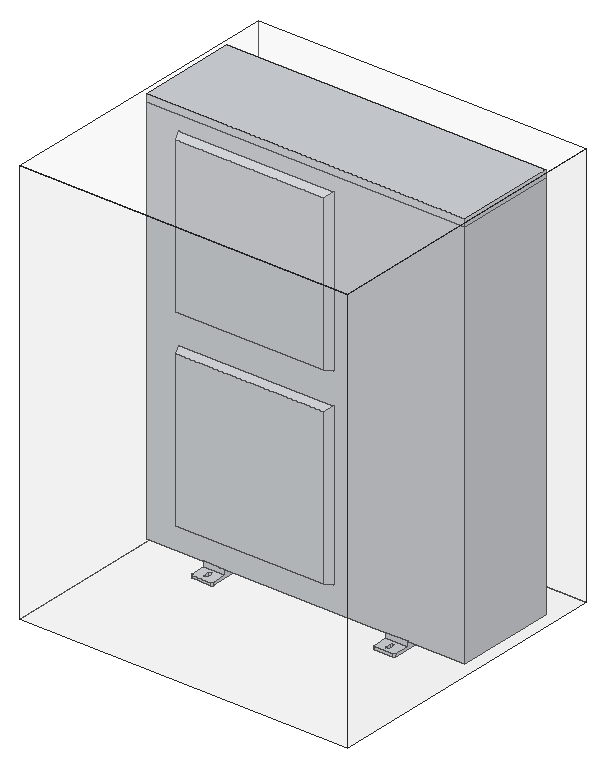
Revit family "puz-hrmp80_160ka6_60Hz", category 機械設備, Revit 2019
Family settings
  丸型コネクタ寸法 = 直径を使用
  パーツ タイプ = 標準
  OmniClass 番号 = 23.75.10.24.21.27.27
  OmniClass タイトル = Split System Air Conditioning Units
  作業面ベース = いいえ
  常に垂直 = はい
  ロード時にボイドで切り取り = いいえ
  共有 = いいえ
  部屋計算ポイント = いいえ
Parameters (values of type "PUZ-HRMP160KA6")
  音響パワーレベル（冷）(dB) = 69
  音響パワーレベル(dB) = 71
  電源種別 = ""
  電源位置Y = 2 mm
  電源位置Z = 1063 mm
  電源位置X = 325 mm
  電圧 = 200 V
  電動機出力_送風機 = 0.12 kW
  電動機出力_圧縮機 = 3.1 kW
  集中コントローラ [instance] = ""
  運転質量 = 0.00 kg
  運転方法 = "冷暖切替"
  質量 = if(製品質量 > 運転質量, 製品質量, 運転質量) * 1.2  # 135.60 kg
  負荷分類 = 1_熱源類
  説明 = "空冷H/P PAC インバータ室外機"
  設計暖房能力 [instance] = 0 kW
  設計冷房能力_顕熱 [instance] = 0 kW
  設計冷房能力 [instance] = 0 kW
  設置方法 = "床置形"
  記号 [instance] = ""
  製造元 = "三菱電機株式会社"
  製品質量 = 113.00 kg
  製品出荷対象 = "国内"
  製品リリース年月 = "2022/10/11"
  製品グループ = ""
  系統 [instance] = ""
  符号 = "PAC"
  積算_科目 = "1 空気調和設備"
  積算_拾い区分 [instance] = ""
  相 = 3
  盤記号 [instance] = ""
  発停方法 = "付属スイッチ"
  特殊仕様 [instance] = ""
  消費電力_暖房 = 4.49 kW
  消費電力_冷房 = 4.7 kW
  消費電力 = if(消費電力_冷房 > 消費電力_暖房, 消費電力_冷房, 消費電力_暖房)  # 4.7 kW
  法定耐用年数 = "6"
  構成品番 = "PUZ-HRMP160KA"
  極数 = 3
  材質 [instance] = ""
  本体マテリアル = none
  最小電線太さ_mm2 = 1.6
  最大電流値 = 0 A
  暖房能力 = 16 kW
  推奨ブレーカー容量 = 40 A
  据付ピッチ1 = 0 mm
  形式 = "パッケージ形 室外機"
  形名 = PUZ-ZRMP-3 : PUZ-ZRMP112KA11
  幹線記号 [instance] = ""
  始動方式 = "インバータ始動方式"
  呼称 = "パッケージ形空気調和機_室外機"
  周波数 = 60 Hz
  価格 = 1061000
  ドレン　位置Z = 23 mm
  ドレン　位置Y = 176 mm
  ドレン　位置X = 45 mm
  アンカーボルト位置Y = 370 mm
  アンカーボルト位置X = 600 mm
  参照している仕様書等のバージョン = "公共建築物標準仕様書（機械設備工事編）平成31年度版"
  分類コード = "50053003126100"
  分類グループ = ""
  冷房能力 = 14 kW
  冷媒管（ガス）位置X = 483 mm
  冷媒管（液）位置X = 423 mm
  冷媒管（液）位置Y = 290 mm
  冷媒管（ガス）位置Y = 234 mm
  冷媒管長 [instance] = 0 mm
  冷媒管径符号 = "Bd"
  冷媒管径 = 100.00 mm
  冷媒管位置Z = 450 mm
  冷媒管位置Y = (冷媒管（液）位置Y + 冷媒管（ガス）位置Y) / 2  # 262 mm
  冷媒管位置X = (冷媒管（液）位置X + 冷媒管（ガス）位置X) / 2  # 453 mm
  冷媒液管径 = 9.52 mm
  冷媒ガス管径 = 15.88 mm
  企業コード = "108420"
  付属品 [instance] = ""
  仕様書バージョン = "Version1.0"
  ユニット数 = 1
  Model = ""
  ドレン管径 = 33.00 mm
  サービススペース = yes
  コメント [instance] = ""
  ケーブル種類1 = ""
  Width = 1050 mm
  Version = ""
  Uniclass2015Version = "Systems v1.9"
  Uniclass2015Title = "Split coil remote air cooled condensing units"
  Uniclass2015Code = "Pr_70_65_03_84"
  URL = "https://www.mitsubishielectric.co.jp/ldg/wink/ssl/displayProduct.do?pid=323610"
  SpecificationReference = ""
  SpecificationDescription = ""
  Revision = ""
  ProductInformation = ""
  OmniClassCode = "23-33 17 13 11"
  IfcTypeProduct = ""
  IfcProduct = ""
  IfcExportType = "AIRCONDITIONINGUNIT"
  IfcExportAs = "IfcUnitaryEquipmentType"
  Height = 1338 mm
  Depth = 330 mm
  Clearance Top = 0 mm
  Clearance Right = 15 mm
  Clearance Left = 15 mm
  Clearance Front = 500 mm
  Clearance Bottom = 0 mm
  Clearance Back = 150 mm
  COP = 0
  Author = "三菱電機株式会社"
  APF = 0
Reference planes
  plane 1 "中心(正面/背面)": y = 74
  plane 2: z = 0
  plane 3 "中心(左/右)": x = 830
  plane 4 "右": x = 1355
  plane 5 "左": x = 305
  plane 6 "背面": y = 239
  plane 7 "正面": y = -91
  plane 8 "上部": z = 1338
  plane 9 "Clearanse Top": z = 1338
  plane 10 "SS_back": y = 389
  plane 11 "SS_front": y = -591
  plane 12 "SS_left": x = 290
  plane 13 "SS_right": x = 1370
  plane 14: z = 0
  plane 15: y = -89
  plane 16: x = 1155
  plane 17: z = 1063
  plane 18: y = -87
  plane 19: y = -23
  plane 20: x = 1283
  plane 21: z = 450
  plane 22: z = 452
  plane 23: y = 63
  plane 24: x = 350
  plane 25: z = 25
  plane 26: z = 23
  plane 27: x = 530
  plane 28: x = 1130
  plane 29: y = 259
  plane 30: y = -111
Forms (mm)
  Extrusion 1, solid, detail levels fine
    sketch origin (0, -91, 0) x (1, 0, 0) y (0, 0, 1)
      loop
        circle (1155, 1063) r 13.5
    from -4 to -2
  Extrusion 2, solid, detail levels fine
    sketch origin (-1437.329, -1524, 54) x (-1, 0, 0) y (0, -1, 0)
      loop
        circle (-2720.329, -1501) r 50
    from 396 to 398
  Extrusion 3, solid, detail levels fine
    sketch origin (-1437.329, -1524, 54) x (-1, 0, 0) y (0, -1, 0)
      loop
        circle (-1787.329, -1587) r 16.5
    from -31 to -29
Lines and regions (mm)
  model lines, not visible
    curve 1: line (460, 178.667, 1289.179) -> (460, 297.73, 1289.179)
    curve 2: line (460, 178.667, 1056.056) -> (460, 178.667, 1289.179)
    curve 3: line (460, 297.73, 1056.056) -> (460, 178.667, 1056.056)
    curve 4: line (460, 297.73, 1289.179) -> (460, 297.73, 1056.056)
    curve 5: line (460, 47.598, 1289.179) -> (460, 166.661, 1289.179)
    curve 6: line (460, 47.598, 1056.056) -> (460, 47.598, 1289.179)
    curve 7: line (460, 166.661, 1056.056) -> (460, 47.598, 1056.056)
    curve 8: line (460, 166.661, 1289.179) -> (460, 166.661, 1056.056)
    curve 9: line (460, -83.471, 1289.179) -> (460, 35.592, 1289.179)
    curve 10: line (460, -83.471, 1056.056) -> (460, -83.471, 1289.179)
    curve 11: line (460, 35.592, 1056.056) -> (460, -83.471, 1056.056)
    curve 12: line (460, 35.592, 1289.179) -> (460, 35.592, 1056.056)
    curve 13: line (460, -150.779, 1289.179) -> (460, -95.75, 1289.179)
    curve 14: line (460, -150.779, 1056.056) -> (460, -150.779, 1289.179)
    curve 15: line (460, -95.75, 1056.056) -> (460, -150.779, 1056.056)
    curve 16: line (460, -95.75, 1289.179) -> (460, -95.75, 1056.056)
    curve 17: line (460, -150.779, 1283.175) -> (460, -132.596, 1283.175)
    curve 18: line (460, -150.779, 1062.059) -> (460, -150.779, 1283.175)
    curve 19: line (460, -132.596, 1062.059) -> (460, -150.779, 1062.059)
    curve 20: line (460, -132.596, 1283.175) -> (460, -132.596, 1062.059)
    curve 21: line (460, 178.667, 1046.051) -> (460, 297.73, 1046.051)
    curve 22: line (460, 178.667, 812.928) -> (460, 178.667, 1046.051)
    curve 23: line (460, 297.73, 812.928) -> (460, 178.667, 812.928)
    curve 24: line (460, 297.73, 1046.051) -> (460, 297.73, 812.928)
    curve 25: line (460, 47.598, 1046.051) -> (460, 166.661, 1046.051)
    curve 26: line (460, 47.598, 812.928) -> (460, 47.598, 1046.051)
    curve 27: line (460, 166.661, 812.928) -> (460, 47.598, 812.928)
    curve 28: line (460, 166.661, 1046.051) -> (460, 166.661, 812.928)
    curve 29: line (460, -83.471, 1046.051) -> (460, 35.592, 1046.051)
    curve 30: line (460, -83.471, 812.928) -> (460, -83.471, 1046.051)
    curve 31: line (460, 35.592, 812.928) -> (460, -83.471, 812.928)
    curve 32: line (460, 35.592, 1046.051) -> (460, 35.592, 812.928)
    curve 33: line (460, -150.779, 1046.051) -> (460, -95.75, 1046.051)
    curve 34: line (460, -150.779, 812.928) -> (460, -150.779, 1046.051)
    curve 35: line (460, -95.75, 812.928) -> (460, -150.779, 812.928)
    curve 36: line (460, -95.75, 1046.051) -> (460, -95.75, 812.928)
    curve 37: line (460, -150.779, 1040.048) -> (460, -132.596, 1040.048)
    curve 38: line (460, -150.779, 818.931) -> (460, -150.779, 1040.048)
    curve 39: line (460, -132.596, 818.931) -> (460, -150.779, 818.931)
    curve 40: line (460, -132.596, 1040.048) -> (460, -132.596, 818.931)
    curve 41: line (460, 178.667, 802.923) -> (460, 297.73, 802.923)
    curve 42: line (460, 178.667, 569.8) -> (460, 178.667, 802.923)
    curve 43: line (460, 297.73, 569.8) -> (460, 178.667, 569.8)
    curve 44: line (460, 297.73, 802.923) -> (460, 297.73, 569.8)
    curve 45: line (460, 47.598, 802.923) -> (460, 166.661, 802.923)
    curve 46: line (460, 47.598, 569.8) -> (460, 47.598, 802.923)
    curve 47: line (460, 166.661, 569.8) -> (460, 47.598, 569.8)
    curve 48: line (460, 166.661, 802.923) -> (460, 166.661, 569.8)
    curve 49: line (460, -83.471, 802.923) -> (460, 35.592, 802.923)
    curve 50: line (460, -83.471, 569.8) -> (460, -83.471, 802.923)
    curve 51: line (460, 35.592, 569.8) -> (460, -83.471, 569.8)
    curve 52: line (460, 35.592, 802.923) -> (460, 35.592, 569.8)
    curve 53: line (460, -150.779, 802.923) -> (460, -95.75, 802.923)
    curve 54: line (460, -150.779, 569.8) -> (460, -150.779, 802.923)
    curve 55: line (460, -95.75, 569.8) -> (460, -150.779, 569.8)
    curve 56: line (460, -95.75, 802.923) -> (460, -95.75, 569.8)
    curve 57: line (460, -150.779, 796.92) -> (460, -132.596, 796.92)
    curve 58: line (460, -150.779, 575.803) -> (460, -150.779, 796.92)
    curve 59: line (460, -132.596, 575.803) -> (460, -150.779, 575.803)
    curve 60: line (460, -132.596, 796.92) -> (460, -132.596, 575.803)
    curve 61: line (460, 178.667, 559.795) -> (460, 297.73, 559.795)
    curve 62: line (460, 178.667, 326.672) -> (460, 178.667, 559.795)
    curve 63: line (460, 297.73, 326.672) -> (460, 178.667, 326.672)
    curve 64: line (460, 297.73, 559.795) -> (460, 297.73, 326.672)
    curve 65: line (460, 47.598, 559.795) -> (460, 166.661, 559.795)
    curve 66: line (460, 47.598, 326.672) -> (460, 47.598, 559.795)
    curve 67: line (460, 166.661, 326.672) -> (460, 47.598, 326.672)
    curve 68: line (460, 166.661, 559.795) -> (460, 166.661, 326.672)
    curve 69: line (460, -83.471, 559.795) -> (460, 35.592, 559.795)
    curve 70: line (460, -83.471, 326.672) -> (460, -83.471, 559.795)
    curve 71: line (460, 35.592, 326.672) -> (460, -83.471, 326.672)
    curve 72: line (460, 35.592, 559.795) -> (460, 35.592, 326.672)
    curve 73: line (460, -150.779, 559.795) -> (460, -95.75, 559.795)
    curve 74: line (460, -150.779, 326.672) -> (460, -150.779, 559.795)
    curve 75: line (460, -95.75, 326.672) -> (460, -150.779, 326.672)
    curve 76: line (460, -95.75, 559.795) -> (460, -95.75, 326.672)
    curve 77: line (460, -150.779, 553.792) -> (460, -132.596, 553.792)
    curve 78: line (460, -150.779, 332.675) -> (460, -150.779, 553.792)
    curve 79: line (460, -132.596, 332.675) -> (460, -150.779, 332.675)
    curve 80: line (460, -132.596, 553.792) -> (460, -132.596, 332.675)
    curve 81: line (460, 178.667, 316.667) -> (460, 297.73, 316.667)
    curve 82: line (460, 178.667, 83.544) -> (460, 178.667, 316.667)
    curve 83: line (460, 297.73, 83.544) -> (460, 178.667, 83.544)
    curve 84: line (460, 297.73, 316.667) -> (460, 297.73, 83.544)
    curve 85: line (460, 47.598, 316.667) -> (460, 166.661, 316.667)
    curve 86: line (460, 47.598, 83.544) -> (460, 47.598, 316.667)
    curve 87: line (460, 166.661, 83.544) -> (460, 47.598, 83.544)
    curve 88: line (460, 166.661, 316.667) -> (460, 166.661, 83.544)
    curve 89: line (460, -83.471, 316.667) -> (460, 35.592, 316.667)
    curve 90: line (460, -83.471, 83.544) -> (460, -83.471, 316.667)
    curve 91: line (460, 35.592, 83.544) -> (460, -83.471, 83.544)
    curve 92: line (460, 35.592, 316.667) -> (460, 35.592, 83.544)
    curve 93: line (460, -150.779, 316.667) -> (460, -95.75, 316.667)
    curve 94: line (460, -150.779, 83.544) -> (460, -150.779, 316.667)
    curve 95: line (460, -95.75, 83.544) -> (460, -150.779, 83.544)
    curve 96: line (460, -95.75, 316.667) -> (460, -95.75, 83.544)
    curve 97: line (460, -150.779, 310.664) -> (460, -132.596, 310.664)
    curve 98: line (460, -150.779, 89.547) -> (460, -150.779, 310.664)
    curve 99: line (460, -132.596, 89.547) -> (460, -150.779, 89.547)
    curve 100: line (460, -132.596, 310.664) -> (460, -132.596, 89.547)
Dimensions and locks
  equal spacing: plane 7 "正面", plane 1 "中心(正面/背面)", plane 6 "背面"
  "Depth": plane 7 "正面" to plane 6 "背面"
  "Width": plane 5 "左" to plane 4 "右"
  equal spacing: plane 5 "左", plane 3 "中心(左/右)", plane 4 "右"
  "Clearance Left": plane 12 "SS_left" to plane 5 "左"
  "Clearance Right": plane 4 "右" to plane 13 "SS_right"
  "Clearance Back": plane 6 "背面" to plane 10 "SS_back"
  "Clearance Front": plane 11 "SS_front" to plane 7 "正面"
  "Height": plane 8 "上部" to level
  "Clearance Top": plane 9 "Clearanse Top" to plane 8 "上部"
  "Clearance Bottom": level to plane 14
  "電源位置X": plane 3 "中心(左/右)" to plane 16
  "電源位置Y": plane 7 "正面" to plane 15
  "電源位置Z": plane 17 to level
  locked: plane 15 to plane 18 at 2
  "冷媒管位置X": plane 3 "中心(左/右)" to plane 20
  "冷媒管位置Y": plane 19 to plane 6 "背面"
  "冷媒管位置Z": plane 21 to level
  locked: plane 22 to plane 21 at 2
  "ドレン　位置X": plane 5 "左" to plane 24
  "ドレン　位置Y": plane 23 to plane 6 "背面"
  locked: plane 25 to plane 26 at 2
  "ドレン　位置Z": plane 26 to level
  equal spacing: plane 30, plane 1 "中心(正面/背面)", plane 29
  "アンカーボルト位置Y": plane 30 to plane 29
  equal spacing: plane 27, plane 3 "中心(左/右)", plane 28
  "アンカーボルト位置X": plane 27 to plane 28
  radius of Extrusion 1 sketch curve = 13.5 mm
  "冷媒管径": diameter of Extrusion 2 sketch curve
  "ドレン管径": diameter of Extrusion 3 sketch curve
  aligned and locked: level to plane 2
  aligned and locked: plane 10 "SS_back" to nested 1  (x2)
  aligned and locked: plane 13 "SS_right" to nested 1
  aligned and locked: plane 12 "SS_left" to nested 1  (x2)
  aligned and locked: nested 1 to plane 13 "SS_right"
  aligned and locked: plane 11 "SS_front" to nested 1
  aligned and locked: plane 9 "Clearanse Top" to nested 1
  aligned and locked: plane 1 "中心(正面/背面)" to nested 2
  aligned and locked: plane 3 "中心(左/右)" to nested 2
  aligned and locked: plane 14 to nested 1
  aligned and locked: plane 17 to Extrusion 1 sketch curve
  aligned and locked: plane 16 to Extrusion 1 sketch curve
  aligned and locked: Extrusion 1 to plane 18
  aligned and locked: plane 15 to Extrusion 1
  aligned and locked: plane 19 to Extrusion 2 sketch curve
  aligned and locked: plane 20 to Extrusion 2 sketch curve
  aligned and locked: plane 22 to Extrusion 2
  aligned and locked: Extrusion 2 to plane 21
  aligned and locked: plane 24 to Extrusion 3 sketch curve
  aligned and locked: plane 23 to Extrusion 3 sketch curve
  aligned and locked: plane 25 to Extrusion 3
  aligned and locked: Extrusion 3 to plane 26
  aligned and locked: plane 27 to nested 3
  aligned and locked: plane 29 to nested 3
Nested families
  nested 1: "サービススペース" at (830, -101, 669), visible <- "サービススペース", type "サービススペース"
    with Width 1080 mm, Height 1338 mm, Depth 980 mm
  nested 2: "PUZ-ZRMP-3" at (830, 74, 0), type <- "形名", type "PUZ-ZRMP112KA11"
  nested 3: "固定点" at (530, -111, 0), type "固定点"
    with W 600 mm, D 370 mm
Connectors
  piping at (1283, -23, 450), diameter 100, driven by "冷媒管径", driven by "冷媒管径符号"
    settings: on Extrusion 2, index 1, connector inside diameter 609.60 mm, connector length 0 mm, flow factor 0, pipe flow 0.0 L/s, pressure drop 0.0 Pa, fitting loss kfactor 0, connector angle 0.00°, fixture units 0, engagement length 0 mm, angle of deflection 0.00°, flow configuration 1, flow direction 2, fitting loss method 4, system type 7, joint type 0, gender type 0, connector reference index -1, connector utility 0, adjustable connector no, is connector primary yes, connector description "Bd"
  electrical at (1155, -89, 1063), driven by "極数", driven by "負荷分類", driven by "電圧", driven by "消費電力"
    settings: on Extrusion 1, index 2, voltage 200 V, apparent load 4700 VA, apparent load phase1 0 VA, apparent load phase2 0 VA, apparent load phase3 0 VA, power factor 1, load classification "1_熱源類", number of poles 3, system type 30, power factor state 1, is connector primary yes, connector utility no, sub classification motor no, connector description ""
Definition of nested family "サービススペース"
  Parameters (values of type "サービススペース")
    Width [instance] = 500 mm
    Height [instance] = 500 mm
    Depth [instance] = 500 mm
  Reference planes
    plane 1 "中心(正面/背面)": y = 0
    plane 2: z = 0
    plane 3 "中心(左/右)": x = 0
    plane 4: y = -250
    plane 5: x = 250
    plane 6: y = 250
    plane 7: x = -250
    plane 8: z = 250
    plane 9: z = -250
  Forms (mm)
    Extrusion 1, solid
      sketch origin (-638.939, 0, 72.39) x (1, 0, 0) y (0, 1, 0)
        loop
          line (388.939, 250) -> (388.939, -250) -> (888.939, -250) -> (888.939, 250) -> (388.939, 250)
      from -322.39 to 177.61
  Lines and regions (mm)
    symbolic lines
      curve 1: line (-250, 0, 250) -> (250, 0, 250)
      curve 2: line (-250, 0, -250) -> (-250, 0, 250)
      curve 3: line (250, 0, -250) -> (-250, 0, -250)
      curve 4: line (250, 0, 250) -> (250, 0, -250)
      curve 5: line (0, -250, 250) -> (0, 250, 250)
      curve 6: line (0, -250, -250) -> (0, -250, 250)
      curve 7: line (0, 250, -250) -> (0, -250, -250)
      curve 8: line (0, 250, 250) -> (0, 250, -250)
      curve 9: line (-250, 250, 0) -> (250, 250, 0)
      curve 10: line (-250, -250, 0) -> (-250, 250, 0)
      curve 11: line (250, -250, 0) -> (-250, -250, 0)
      curve 12: line (250, 250, 0) -> (250, -250, 0)
  Dimensions and locks
    equal spacing: plane 7, plane 3 "中心(左/右)", plane 5
    equal spacing: plane 4, plane 1 "中心(正面/背面)", plane 6
    "Depth": plane 4 to plane 6
    "Width": plane 7 to plane 5
    equal spacing: plane 8, plane 2, plane 9
    "Height": plane 8 to plane 9
    aligned and locked: plane 9 to curve 3
    aligned and locked: plane 7 to curve 2
    aligned and locked: curve 4 to plane 5
    aligned and locked: plane 5 to Extrusion 1
    aligned and locked: Extrusion 1 to plane 7
    aligned and locked: Extrusion 1 to plane 9
    aligned and locked: plane 8 to Extrusion 1
    aligned and locked: plane 9 to curve 7
  Automatic sketch dimensions
    plane 4 to Extrusion 1 sketch curve = 0 mm
    Extrusion 1 sketch curve to plane 7 = 0 mm
    Extrusion 1 sketch curve to plane 5 = 0 mm
    plane 6 to Extrusion 1 sketch curve = 0 mm
    curve 2 to plane 8 = 0 mm
    plane 4 to curve 11 = 0 mm
    curve 11 to plane 7 = 0 mm
    curve 11 to plane 5 = 0 mm
    plane 6 to curve 10 = 0 mm
    curve 7 to plane 4 = 0 mm
    curve 7 to plane 6 = 0 mm
    curve 6 to plane 8 = 0 mm
Definition of nested family "PUZ-ZRMP-3"
  Parameters (values of type "PUZ-ZRMP112KA11")
    配線取出口サイズ = 27 mm
    配線取出口-Z = 1063 mm
    配線取出口-Y = 325 mm
    配線取出口-X = 325 mm
    液配管サイズ = 100 mm
    高さ = 1338 mm
    換気-W = 362 mm
    換気-H2 = 632 mm
    換気-H1 = 369 mm
    換気-D = 25 mm
    奥行き = 330 mm
    吊りボルト_H = 0 mm
    吊りボルト-φ = 12 mm
    冷媒配管サイズ = 9.52 mm
    冷媒液管径-Z = 450 mm
    冷媒液管径-Y = 290 mm
    冷媒液管径-X = 423 mm
    冷媒ガス管径-Z = 421 mm
    冷媒ガス管径-Y = 234 mm
    冷媒ガス管径-X = 483 mm
    吊りボルト-W = 600 mm
    マテリアル = none
    ドレン配管サイズ = 33 mm
    ドレン管径-Z = 0 mm
    ドレン管径-Y = 154 mm
    ドレン管径-X = 480 mm
    タイプ3 = yes
    タイプ2 = no
    タイプ1 = no
    ガス配管サイズ = 15.88 mm
    吊りボルト-D = 370 mm
    幅さ = 1050 mm
    a = 幅さ / 2  # 525 mm
  Reference planes
    plane 1 "中心(正面/背面)": y = 0
    plane 2: z = 0
    plane 3 "中心(左/右)": x = 0
    plane 4: z = 1338
    plane 5: x = -525
    plane 6: x = 525
    plane 7: y = 165
    plane 8: y = -165
    plane 9: x = 587
    plane 10: y = -105
    plane 11: y = 5
    plane 12: z = 1313
    plane 13: x = -545
    plane 14: x = -300
    plane 15: x = 300
    plane 16: y = 185
    plane 17: y = -185
    plane 18: x = 335
    plane 19: x = 265
    plane 20: x = -265
    plane 21: x = -335
    plane 22: y = 204
    plane 23: y = -218
    plane 24: z = 8.5
    plane 25: z = 25
    plane 26: z = 23
    plane 27: z = 1333
    plane 28: y = -40
    plane 29: y = 40
    plane 30: y = -30
    plane 31: y = 30
    plane 32: z = 1318
    plane 33: z = 55
    plane 34: z = 225
    plane 35: z = 570
    plane 36: x = 535
    plane 37: x = 556
    plane 38: y = -190
    plane 39: x = -163
    plane 40: z = 369
    plane 41: x = 91
    plane 42: x = -417
    plane 43: z = 633
    plane 44: z = 105
    plane 45: x = -407
    plane 46: x = 81
    plane 47: z = 623
    plane 48: z = 115
    plane 49: y = 115
    plane 50: y = -115
    plane 51: x = -480
    plane 52: y = -11
    plane 53: x = 483
    plane 54: x = 325
    plane 55: y = -160
    plane 56: y = -125
    plane 57: y = -69
    plane 58: x = 423
    plane 59: z = 421
    plane 60: z = 450
    plane 61: z = 1063
    plane 62: y = -110
    plane 63: z = 550
    plane 64: z = 550
    plane 65: x = 453
    plane 66: y = -97
    plane 67 "グループ": x = -525
    plane 68: z = 1338
    plane 69: z = 943
    plane 70: z = 1001
    plane 71: z = 1265
    plane 72: z = 737
    plane 73: z = 1255
    plane 74: z = 747
    plane 75: y = 125
    plane 76: x = -370
    plane 77: x = -210
    plane 78: x = -50
    plane 79: x = 110
  Forms (mm)
    Extrusion 1, solid, visible <- "タイプ3", detail levels fine
      sketch origin (-1437.329, -1524, 1338) x (-1, 0, 0) y (0, -1, 0)
        loop
          line (-1102.329, -1689) -> (-1102.329, -1359) -> (-1172.329, -1359) -> (-1172.329, -1689) -> (-1102.329, -1689)
        loop
          line (-1702.329, -1689) -> (-1702.329, -1359) -> (-1772.329, -1359) -> (-1772.329, -1689) -> (-1702.329, -1689)
      from -1338 to -1313
    Extrusion 2, solid, material <- "マテリアル", visible <- "タイプ3", detail levels fine
      sketch origin (-1437.329, -1524, 1338) x (-1, 0, 0) y (0, -1, 0)
        loop
          line (-1962.329, -1689) -> (-912.329, -1689) -> (-912.329, -1359) -> (-1962.329, -1359) -> (-1962.329, -1689)
      from -1313 to -25
    Extrusion 3, solid, material <- "マテリアル", visible <- "タイプ3", detail levels fine
      sketch origin (-1437.329, -1524, 1338) x (-1, 0, 0) y (0, -1, 0)
        loop
          line (-912.329, -1689) -> (-912.329, -1359) -> (-1962.329, -1359) -> (-1962.329, -1689) -> (-912.329, -1689)
      from -25 to 0
    Blend 4, solid, material <- "マテリアル", visible <- "タイプ3", detail levels fine
      base sketch origin (0, 0, 0) x (1, 0, 0) y (0, 0, 1)
        loop
          line (-417, 633) -> (-417, 105) -> (91, 105) -> (91, 633) -> (-417, 633)
      top sketch origin (0, 0, 0) x (1, 0, 0) y (0, 0, 1)
        loop
          line (-407, 623) -> (-407, 115) -> (81, 115) -> (81, 623) -> (-407, 623)
      from 165 to 190
    Extrusion 5, solid, material <- "マテリアル", visible <- "タイプ3", detail levels fine
      sketch origin (-1437.329, -1524, 1338) x (-1, 0, 0) y (0, -1, 0)
        loop
          circle (-1920.329, -1455) r 7.94
      from -917 to -788
    Extrusion 6, solid, material <- "マテリアル", visible <- "タイプ3", detail levels fine
      sketch origin (-1437.329, -1524, 1338) x (-1, 0, 0) y (0, -1, 0)
        loop
          circle (-1860.329, -1399) r 4.76
      from -888 to -788
    Extrusion 7, solid, material <- "マテリアル", visible <- "タイプ3", detail levels fine
      sketch origin (1480.036, -190, 1200) x (1, 0, 0) y (0, 0, 1)
        loop
          circle (-1155.036, -137) r 13.5
      from -80 to -30
    Extrusion 8, solid, material <- "マテリアル", visible <- "タイプ3", detail levels fine
      sketch origin (-1437.329, -1524, 1338) x (-1, 0, 0) y (0, -1, 0)
        loop
          circle (-1890.329, -1427) r 50
      from -888 to -788
    Blend 9, solid, material <- "マテリアル", visible <- "タイプ3", detail levels fine
      base sketch origin (1480.036, -190, 1200) x (1, 0, 0) y (0, 0, 1)
        loop
          line (-1897.036, 65) -> (-1897.036, -463) -> (-1389.036, -463) -> (-1389.036, 65) -> (-1897.036, 65)
      top sketch origin (1480.036, -190, 1200) x (1, 0, 0) y (0, 0, 1)
        loop
          line (-1887.036, 55) -> (-1887.036, -453) -> (-1399.036, -453) -> (-1399.036, 55) -> (-1887.036, 55)
      from -25 to 0
    Extrusion 10, solid, visible <- "タイプ3", detail levels fine
      sketch origin (-1437.329, -1524, 1338) x (-1, 0, 0) y (0, -1, 0)
        loop
          line (-1102.329, -1728) -> (-1102.329, -1689) -> (-1172.329, -1689) -> (-1172.329, -1728) -> (-1143.329, -1728) -> (-1143.329, -1709)
          arc (-1143.329, -1709) -> (-1137.329, -1703) -> (-1131.329, -1709) r 6
          line (-1131.329, -1709) -> (-1131.329, -1728) -> (-1102.329, -1728)
        loop
          line (-1102.329, -1359) -> (-1102.329, -1311)
          arc (-1102.329, -1311) -> (-1103.794, -1307.464) -> (-1107.329, -1306) r 5
          line (-1107.329, -1306) -> (-1167.329, -1306)
          arc (-1167.329, -1306) -> (-1170.865, -1307.464) -> (-1172.329, -1311) r 5
          line (-1172.329, -1311) -> (-1172.329, -1359) -> (-1102.329, -1359)
        loop
          arc (-1143.329, -1339) -> (-1137.329, -1345) -> (-1131.329, -1339) r 6
          line (-1131.329, -1339) -> (-1131.329, -1324)
          arc (-1131.329, -1324) -> (-1137.329, -1318) -> (-1143.329, -1324) r 6
          line (-1143.329, -1324) -> (-1143.329, -1339)
        loop
          line (-1772.329, -1728) -> (-1743.329, -1728) -> (-1743.329, -1709)
          arc (-1743.329, -1709) -> (-1737.329, -1703) -> (-1731.329, -1709) r 6
          line (-1731.329, -1709) -> (-1731.329, -1728) -> (-1702.329, -1728) -> (-1702.329, -1689) -> (-1772.329, -1689) -> (-1772.329, -1728)
        loop
          line (-1772.329, -1359) -> (-1702.329, -1359) -> (-1702.329, -1311)
          arc (-1702.329, -1311) -> (-1703.794, -1307.464) -> (-1707.329, -1306) r 5
          line (-1707.329, -1306) -> (-1767.329, -1306)
          arc (-1767.329, -1306) -> (-1770.865, -1307.464) -> (-1772.329, -1311) r 5
          line (-1772.329, -1311) -> (-1772.329, -1359)
        loop
          line (-1731.329, -1339) -> (-1731.329, -1324)
          arc (-1731.329, -1324) -> (-1737.329, -1318) -> (-1743.329, -1324) r 6
          line (-1743.329, -1324) -> (-1743.329, -1339)
          arc (-1743.329, -1339) -> (-1737.329, -1345) -> (-1731.329, -1339) r 6
      from -1338 to -1329.5
    Extrusion 11, solid, material <- "マテリアル", visible <- "タイプ3", detail levels fine
      sketch origin (-1437.329, -1524, 1338) x (-1, 0, 0) y (0, -1, 0)
        loop
          circle (-957.329, -1513) r 16.5
        loop
          circle (-1067.329, -1649) r 16.5
        loop
          circle (-1227.329, -1649) r 16.5
        loop
          circle (-1387.329, -1649) r 16.5
        loop
          circle (-1547.329, -1649) r 16.5
      from -1315 to -1313
  Cuts and joins
    joined: Extrusion 1, Extrusion 10
  Lines and regions (mm)
    Masking region 1, visible <- "タイプ3", detail levels coarse+medium
      outline origin (-1437.329, -1524, 1338) x (-1, 0, 0) y (0, -1, 0)
        loop
          line (-1962.329, -1689) -> (-1772.329, -1689) -> (-1772.329, -1728) -> (-1702.329, -1728) -> (-1702.329, -1689) -> (-1172.329, -1689) -> (-1172.329, -1728) -> (-1102.329, -1728) -> (-1102.329, -1689) -> (-912.329, -1689) -> (-912.329, -1359) -> (-1020.329, -1359) -> (-1030.329, -1334) -> (-1102.329, -1334) -> (-1102.329, -1306) -> (-1172.329, -1306) -> (-1172.329, -1334) -> (-1518.329, -1334) -> (-1528.329, -1359) -> (-1702.329, -1359) -> (-1702.329, -1306) -> (-1772.329, -1306) -> (-1772.329, -1359) -> (-1962.329, -1359) -> (-1962.329, -1689)
    model lines, visible <- "タイプ3", detail levels fine
      curve 1: line (447, 115, 1338) -> (-445, 115, 1338)
      curve 2: line (-445, -115, 1338) -> (447, -115, 1338)
      curve 3: line (-445, -45, 1338) -> (447, -45, 1338)
      curve 4: line (447, 45, 1338) -> (-445, 45, 1338)
      curve 5: line (-445, -35, 1338) -> (447, -35, 1338)
      curve 6: line (447, 35, 1338) -> (-445, 35, 1338)
      curve 7: line (-445, 115, 1338) -> (-445, 45, 1338)
      curve 8: line (447, -115, 1338) -> (447, -45, 1338)
      curve 9: line (-445, 35, 1338) -> (-445, -35, 1338)
      curve 10: line (-445, -45, 1338) -> (-445, -115, 1338)
      curve 11: line (447, -35, 1338) -> (447, 35, 1338)
      curve 12: line (447, 45, 1338) -> (447, 115, 1338)
      curve 13: line (479, -115, 1338) -> (479, 115, 1338)
      curve 14: line (462, -115, 1338) -> (462, 115, 1338)
      curve 15: line (-475, 115, 1338) -> (-475, -115, 1338)
      curve 16: line (-460, 115, 1338) -> (-460, -115, 1338)
      curve 17: line (-460, 115, 1338) -> (-475, 115, 1338)
      curve 18: line (-460, -115, 1338) -> (-475, -115, 1338)
      curve 19: line (462, 115, 1338) -> (479, 115, 1338)
      curve 20: line (462, -115, 1338) -> (479, -115, 1338)
      curve 21: line (-407, -190, 416.5) -> (81, -190, 416.5)
      curve 22: line (81, -190, 321.5) -> (-407, -190, 321.5)
      curve 23: line (-407, -190, 511.5) -> (81, -190, 511.5)
      curve 24: line (-407, -190, 606.5) -> (81, -190, 606.5)
      curve 25: line (81, -190, 226.5) -> (-407, -190, 226.5)
      curve 26: line (81, -190, 131.5) -> (-407, -190, 131.5)
      curve 27: line (-389.571, -190, 623) -> (-389.571, -190, 115)
      curve 28: line (63.571, -190, 115) -> (63.571, -190, 623)
      curve 29: line (-372.143, -190, 623) -> (-372.143, -190, 115)
      curve 30: line (-354.714, -190, 623) -> (-354.714, -190, 115)
      curve 31: line (-337.286, -190, 623) -> (-337.286, -190, 115)
      curve 32: line (-319.857, -190, 623) -> (-319.857, -190, 115)
      curve 33: line (-302.429, -190, 623) -> (-302.429, -190, 115)
      curve 34: line (-285, -190, 623) -> (-285, -190, 115)
      curve 35: line (-267.571, -190, 623) -> (-267.571, -190, 115)
      curve 36: line (-250.143, -190, 623) -> (-250.143, -190, 115)
      curve 37: line (-232.714, -190, 623) -> (-232.714, -190, 115)
      curve 38: line (-215.286, -190, 623) -> (-215.286, -190, 115)
      curve 39: line (-197.857, -190, 623) -> (-197.857, -190, 115)
      curve 40: line (-180.429, -190, 623) -> (-180.429, -190, 115)
      curve 41: line (-163, -190, 623) -> (-163, -190, 115)
      curve 42: line (-145.571, -190, 623) -> (-145.571, -190, 115)
      curve 43: line (-128.143, -190, 623) -> (-128.143, -190, 115)
      curve 44: line (-110.714, -190, 623) -> (-110.714, -190, 115)
      curve 45: line (-93.286, -190, 623) -> (-93.286, -190, 115)
      curve 46: line (-75.857, -190, 623) -> (-75.857, -190, 115)
      curve 47: line (-58.429, -190, 623) -> (-58.429, -190, 115)
      curve 48: line (-41, -190, 623) -> (-41, -190, 115)
      curve 49: line (-23.571, -190, 623) -> (-23.571, -190, 115)
      curve 50: line (-6.143, -190, 623) -> (-6.143, -190, 115)
      curve 51: line (11.286, -190, 623) -> (11.286, -190, 115)
      curve 52: line (28.714, -190, 623) -> (28.714, -190, 115)
      curve 53: line (46.143, -190, 623) -> (46.143, -190, 115)
      curve 54: line (-525, -100, 87) -> (-525, -60, 87)
      curve 55: line (-525, -100, 277) -> (-525, -100, 87)
      curve 56: line (-525, -60, 277) -> (-525, -100, 277)
      curve 57: line (-525, -60, 87) -> (-525, -60, 277)
      curve 58: line (-525, -100, 292) -> (-525, -60, 292)
      curve 59: line (-525, -100, 482) -> (-525, -100, 292)
      curve 60: line (-525, -60, 482) -> (-525, -100, 482)
      curve 61: line (-525, -60, 292) -> (-525, -60, 482)
      curve 62: line (-525, -100, 497) -> (-525, -60, 497)
      curve 63: line (-525, -100, 687) -> (-525, -100, 497)
      curve 64: line (-525, -60, 687) -> (-525, -100, 687)
      curve 65: line (-525, -60, 497) -> (-525, -60, 687)
      curve 66: line (-525, -100, 702) -> (-525, -60, 702)
      curve 67: line (-525, -100, 892) -> (-525, -100, 702)
      curve 68: line (-525, -60, 892) -> (-525, -100, 892)
      curve 69: line (-525, -60, 702) -> (-525, -60, 892)
      curve 70: line (-525, 60, 87) -> (-525, 100, 87)
      curve 71: line (-525, 60, 277) -> (-525, 60, 87)
      curve 72: line (-525, 100, 277) -> (-525, 60, 277)
      curve 73: line (-525, 100, 87) -> (-525, 100, 277)
      curve 74: line (-525, -46.667, 87) -> (-525, -6.667, 87)
      curve 75: line (-525, -46.667, 277) -> (-525, -46.667, 87)
      curve 76: line (-525, -6.667, 277) -> (-525, -46.667, 277)
      curve 77: line (-525, -6.667, 87) -> (-525, -6.667, 277)
      curve 78: line (-525, 6.667, 87) -> (-525, 46.667, 87)
      curve 79: line (-525, 6.667, 277) -> (-525, 6.667, 87)
      curve 80: line (-525, 46.667, 277) -> (-525, 6.667, 277)
      curve 81: line (-525, 46.667, 87) -> (-525, 46.667, 277)
      curve 82: line (-525, 60, 292) -> (-525, 100, 292)
      curve 83: line (-525, 60, 482) -> (-525, 60, 292)
      curve 84: line (-525, 100, 482) -> (-525, 60, 482)
      curve 85: line (-525, 100, 292) -> (-525, 100, 482)
      curve 86: line (-525, 60, 702) -> (-525, 100, 702)
      curve 87: line (-525, 60, 892) -> (-525, 60, 702)
      curve 88: line (-525, 100, 892) -> (-525, 60, 892)
      curve 89: line (-525, 100, 702) -> (-525, 100, 892)
      curve 90: line (-525, -46.667, 292) -> (-525, -6.667, 292)
      curve 91: line (-525, -46.667, 482) -> (-525, -46.667, 292)
      curve 92: line (-525, -6.667, 482) -> (-525, -46.667, 482)
      curve 93: line (-525, -6.667, 292) -> (-525, -6.667, 482)
      curve 94: line (-525, -46.667, 497) -> (-525, -6.667, 497)
      curve 95: line (-525, -46.667, 687) -> (-525, -46.667, 497)
      curve 96: line (-525, -6.667, 687) -> (-525, -46.667, 687)
      curve 97: line (-525, -6.667, 497) -> (-525, -6.667, 687)
      curve 98: line (-525, -46.667, 702) -> (-525, -6.667, 702)
      curve 99: line (-525, -46.667, 892) -> (-525, -46.667, 702)
      curve 100: line (-525, -6.667, 892) -> (-525, -46.667, 892)
      curve 101: line (-525, -6.667, 702) -> (-525, -6.667, 892)
      curve 102: line (-525, 6.667, 292) -> (-525, 46.667, 292)
      curve 103: line (-525, 6.667, 482) -> (-525, 6.667, 292)
      curve 104: line (-525, 46.667, 482) -> (-525, 6.667, 482)
      curve 105: line (-525, 46.667, 292) -> (-525, 46.667, 482)
      curve 106: line (-525, 6.667, 497) -> (-525, 46.667, 497)
      curve 107: line (-525, 6.667, 687) -> (-525, 6.667, 497)
      curve 108: line (-525, 46.667, 687) -> (-525, 6.667, 687)
      curve 109: line (-525, 46.667, 497) -> (-525, 46.667, 687)
      curve 110: line (-525, 6.667, 702) -> (-525, 46.667, 702)
      curve 111: line (-525, 6.667, 892) -> (-525, 6.667, 702)
      curve 112: line (-525, 46.667, 892) -> (-525, 6.667, 892)
      curve 113: line (-525, 46.667, 702) -> (-525, 46.667, 892)
      curve 114: line (-525, -100, 907) -> (-525, -60, 907)
      curve 115: line (-525, -100, 1097) -> (-525, -100, 907)
      curve 116: line (-525, -60, 1097) -> (-525, -100, 1097)
      curve 117: line (-525, -60, 907) -> (-525, -60, 1097)
      curve 118: line (-525, 60, 907) -> (-525, 100, 907)
      curve 119: line (-525, 60, 1097) -> (-525, 60, 907)
      curve 120: line (-525, 100, 1097) -> (-525, 60, 1097)
      curve 121: line (-525, 100, 907) -> (-525, 100, 1097)
      curve 122: line (-525, -46.667, 907) -> (-525, -6.667, 907)
      curve 123: line (-525, -46.667, 1097) -> (-525, -46.667, 907)
      curve 124: line (-525, -6.667, 1097) -> (-525, -46.667, 1097)
      curve 125: line (-525, -6.667, 907) -> (-525, -6.667, 1097)
      curve 126: line (-525, 6.667, 907) -> (-525, 46.667, 907)
      curve 127: line (-525, 6.667, 1097) -> (-525, 6.667, 907)
      curve 128: line (-525, 46.667, 1097) -> (-525, 6.667, 1097)
      curve 129: line (-525, 46.667, 907) -> (-525, 46.667, 1097)
      curve 130: line (-525, -100, 1112) -> (-525, -60, 1112)
      curve 131: line (-525, -100, 1302) -> (-525, -100, 1112)
      curve 132: line (-525, -60, 1302) -> (-525, -100, 1302)
      curve 133: line (-525, -60, 1112) -> (-525, -60, 1302)
      curve 134: line (-525, 60, 1112) -> (-525, 100, 1112)
      curve 135: line (-525, 60, 1302) -> (-525, 60, 1112)
      curve 136: line (-525, 100, 1302) -> (-525, 60, 1302)
      curve 137: line (-525, 100, 1112) -> (-525, 100, 1302)
      curve 138: line (-525, -46.667, 1112) -> (-525, -6.667, 1112)
      curve 139: line (-525, -46.667, 1302) -> (-525, -46.667, 1112)
      curve 140: line (-525, -6.667, 1302) -> (-525, -46.667, 1302)
      curve 141: line (-525, -6.667, 1112) -> (-525, -6.667, 1302)
      curve 142: line (-525, 6.667, 1112) -> (-525, 46.667, 1112)
      curve 143: line (-525, 6.667, 1302) -> (-525, 6.667, 1112)
      curve 144: line (-525, 46.667, 1302) -> (-525, 6.667, 1302)
      curve 145: line (-525, 46.667, 1112) -> (-525, 46.667, 1302)
      curve 303: line (81, -190, 1238.5) -> (-407, -190, 1238.5)
      curve 304: line (-407, -190, 763.5) -> (81, -190, 763.5)
      curve 305: line (-389.571, -190, 1255) -> (-389.571, -190, 747)
      curve 306: line (81, -190, 858.5) -> (-407, -190, 858.5)
      curve 307: line (81, -190, 1143.5) -> (-407, -190, 1143.5)
      curve 308: line (81, -190, 1048.5) -> (-407, -190, 1048.5)
      curve 309: line (-407, -190, 953.5) -> (81, -190, 953.5)
      curve 310: line (-372.143, -190, 1255) -> (-372.143, -190, 747)
      curve 311: line (-354.714, -190, 1255) -> (-354.714, -190, 747)
      curve 312: line (-337.286, -190, 1255) -> (-337.286, -190, 747)
      curve 313: line (-319.857, -190, 1255) -> (-319.857, -190, 747)
      curve 314: line (-302.429, -190, 1255) -> (-302.429, -190, 747)
      curve 315: line (-285, -190, 1255) -> (-285, -190, 747)
      curve 316: line (-267.571, -190, 1255) -> (-267.571, -190, 747)
      curve 317: line (-250.143, -190, 1255) -> (-250.143, -190, 747)
      curve 318: line (-232.714, -190, 1255) -> (-232.714, -190, 747)
      curve 319: line (-215.286, -190, 1255) -> (-215.286, -190, 747)
      curve 320: line (-197.857, -190, 1255) -> (-197.857, -190, 747)
      curve 321: line (-180.429, -190, 1255) -> (-180.429, -190, 747)
      curve 322: line (-163, -190, 1255) -> (-163, -190, 747)
      curve 323: line (-145.571, -190, 1255) -> (-145.571, -190, 747)
      curve 324: line (-128.143, -190, 1255) -> (-128.143, -190, 747)
      curve 325: line (-110.714, -190, 1255) -> (-110.714, -190, 747)
      curve 326: line (-93.286, -190, 1255) -> (-93.286, -190, 747)
      curve 327: line (-75.857, -190, 1255) -> (-75.857, -190, 747)
      curve 328: line (-58.429, -190, 1255) -> (-58.429, -190, 747)
      curve 329: line (-41, -190, 1255) -> (-41, -190, 747)
      curve 330: line (-23.571, -190, 1255) -> (-23.571, -190, 747)
      curve 331: line (-6.143, -190, 1255) -> (-6.143, -190, 747)
      curve 332: line (11.286, -190, 1255) -> (11.286, -190, 747)
      curve 333: line (28.714, -190, 1255) -> (28.714, -190, 747)
      curve 334: line (46.143, -190, 1255) -> (46.143, -190, 747)
      curve 335: line (63.571, -190, 1255) -> (63.571, -190, 747)
    model lines, visible <- "タイプ3", not visible, detail levels fine
      curve 146: line (-525, -100, 907) -> (-525, -60, 907)
      curve 147: line (-525, -100, 1097) -> (-525, -100, 907)
      curve 148: line (-525, -60, 1097) -> (-525, -100, 1097)
      curve 149: line (-525, -60, 907) -> (-525, -60, 1097)
      curve 150: line (-525, 60, 907) -> (-525, 100, 907)
      curve 151: line (-525, 60, 1097) -> (-525, 60, 907)
      curve 152: line (-525, 100, 1097) -> (-525, 60, 1097)
      curve 153: line (-525, 100, 907) -> (-525, 100, 1097)
      curve 154: line (-525, -46.667, 907) -> (-525, -6.667, 907)
      curve 155: line (-525, -46.667, 1097) -> (-525, -46.667, 907)
      curve 156: line (-525, -6.667, 1097) -> (-525, -46.667, 1097)
      curve 157: line (-525, -6.667, 907) -> (-525, -6.667, 1097)
      curve 158: line (-525, 6.667, 907) -> (-525, 46.667, 907)
      curve 159: line (-525, 6.667, 1097) -> (-525, 6.667, 907)
      curve 160: line (-525, 46.667, 1097) -> (-525, 6.667, 1097)
      curve 161: line (-525, 46.667, 907) -> (-525, 46.667, 1097)
      curve 162: line (-525, -100, 1112) -> (-525, -60, 1112)
      curve 163: line (-525, -100, 1302) -> (-525, -100, 1112)
      curve 164: line (-525, -60, 1302) -> (-525, -100, 1302)
      curve 165: line (-525, -60, 1112) -> (-525, -60, 1302)
      curve 166: line (-525, 60, 1112) -> (-525, 100, 1112)
      curve 167: line (-525, 60, 1302) -> (-525, 60, 1112)
      curve 168: line (-525, 100, 1302) -> (-525, 60, 1302)
      curve 169: line (-525, 100, 1112) -> (-525, 100, 1302)
      curve 170: line (-525, -46.667, 1112) -> (-525, -6.667, 1112)
      curve 171: line (-525, -46.667, 1302) -> (-525, -46.667, 1112)
      curve 172: line (-525, -6.667, 1302) -> (-525, -46.667, 1302)
      curve 173: line (-525, -6.667, 1112) -> (-525, -6.667, 1302)
      curve 174: line (-525, 6.667, 1112) -> (-525, 46.667, 1112)
      curve 175: line (-525, 6.667, 1302) -> (-525, 6.667, 1112)
      curve 176: line (-525, 46.667, 1302) -> (-525, 6.667, 1302)
      curve 177: line (-525, 46.667, 1112) -> (-525, 46.667, 1302)
      curve 194: line (-525, -100, 87) -> (-525, -60, 87)
      curve 195: line (-525, -100, 277) -> (-525, -100, 87)
      curve 196: line (-525, -60, 277) -> (-525, -100, 277)
      curve 197: line (-525, -60, 87) -> (-525, -60, 277)
      curve 198: line (-525, -100, 292) -> (-525, -60, 292)
      curve 199: line (-525, -100, 482) -> (-525, -100, 292)
      curve 200: line (-525, -60, 482) -> (-525, -100, 482)
      curve 201: line (-525, -60, 292) -> (-525, -60, 482)
      curve 202: line (-525, -100, 497) -> (-525, -60, 497)
      curve 203: line (-525, -100, 687) -> (-525, -100, 497)
      curve 204: line (-525, -60, 687) -> (-525, -100, 687)
      curve 205: line (-525, -60, 497) -> (-525, -60, 687)
      curve 206: line (-525, -100, 702) -> (-525, -60, 702)
      curve 207: line (-525, -100, 892) -> (-525, -100, 702)
      curve 208: line (-525, -60, 892) -> (-525, -100, 892)
      curve 209: line (-525, -60, 702) -> (-525, -60, 892)
      curve 210: line (-525, 60, 87) -> (-525, 100, 87)
      curve 211: line (-525, 60, 277) -> (-525, 60, 87)
      curve 212: line (-525, 100, 277) -> (-525, 60, 277)
      curve 213: line (-525, 100, 87) -> (-525, 100, 277)
      curve 214: line (-525, -46.667, 87) -> (-525, -6.667, 87)
      curve 215: line (-525, -46.667, 277) -> (-525, -46.667, 87)
      curve 216: line (-525, -6.667, 277) -> (-525, -46.667, 277)
      curve 217: line (-525, -6.667, 87) -> (-525, -6.667, 277)
      curve 218: line (-525, 6.667, 87) -> (-525, 46.667, 87)
      curve 219: line (-525, 6.667, 277) -> (-525, 6.667, 87)
      curve 220: line (-525, 46.667, 277) -> (-525, 6.667, 277)
      curve 221: line (-525, 46.667, 87) -> (-525, 46.667, 277)
      curve 222: line (-525, 60, 292) -> (-525, 100, 292)
      curve 223: line (-525, 60, 482) -> (-525, 60, 292)
      curve 224: line (-525, 100, 482) -> (-525, 60, 482)
      curve 225: line (-525, 100, 292) -> (-525, 100, 482)
      curve 226: line (-525, 60, 702) -> (-525, 100, 702)
      curve 227: line (-525, 60, 892) -> (-525, 60, 702)
      curve 228: line (-525, 100, 892) -> (-525, 60, 892)
      curve 229: line (-525, 100, 702) -> (-525, 100, 892)
      curve 230: line (-525, -46.667, 292) -> (-525, -6.667, 292)
      curve 231: line (-525, -46.667, 482) -> (-525, -46.667, 292)
      curve 232: line (-525, -6.667, 482) -> (-525, -46.667, 482)
      curve 233: line (-525, -6.667, 292) -> (-525, -6.667, 482)
      curve 234: line (-525, -46.667, 497) -> (-525, -6.667, 497)
      curve 235: line (-525, -46.667, 687) -> (-525, -46.667, 497)
      curve 236: line (-525, -6.667, 687) -> (-525, -46.667, 687)
      curve 237: line (-525, -6.667, 497) -> (-525, -6.667, 687)
      curve 238: line (-525, -46.667, 702) -> (-525, -6.667, 702)
      curve 239: line (-525, -46.667, 892) -> (-525, -46.667, 702)
      curve 240: line (-525, -6.667, 892) -> (-525, -46.667, 892)
      curve 241: line (-525, -6.667, 702) -> (-525, -6.667, 892)
      curve 242: line (-525, 6.667, 292) -> (-525, 46.667, 292)
      curve 243: line (-525, 6.667, 482) -> (-525, 6.667, 292)
      curve 244: line (-525, 46.667, 482) -> (-525, 6.667, 482)
      curve 245: line (-525, 46.667, 292) -> (-525, 46.667, 482)
      curve 246: line (-525, 6.667, 497) -> (-525, 46.667, 497)
      curve 247: line (-525, 6.667, 687) -> (-525, 6.667, 497)
      curve 248: line (-525, 46.667, 687) -> (-525, 6.667, 687)
      curve 249: line (-525, 46.667, 497) -> (-525, 46.667, 687)
      curve 250: line (-525, 6.667, 702) -> (-525, 46.667, 702)
      curve 251: line (-525, 6.667, 892) -> (-525, 6.667, 702)
      curve 252: line (-525, 46.667, 892) -> (-525, 6.667, 892)
      curve 253: line (-525, 46.667, 702) -> (-525, 46.667, 892)
    model lines, visible <- "タイプ2", not visible
      curve 178: line (-600, -100, 33.5) -> (-600, -60, 33.5)
      curve 179: line (-600, -100, 73.5) -> (-600, -100, 33.5)
      curve 180: line (-600, -60, 73.5) -> (-600, -100, 73.5)
      curve 181: line (-600, -60, 33.5) -> (-600, -60, 73.5)
      curve 182: line (-600, 60, 33.5) -> (-600, 100, 33.5)
      curve 183: line (-600, 60, 73.5) -> (-600, 60, 33.5)
      curve 184: line (-600, 100, 73.5) -> (-600, 60, 73.5)
      curve 185: line (-600, 100, 33.5) -> (-600, 100, 73.5)
      curve 186: line (-509, -46.667, 33.5) -> (-509, -6.667, 33.5)
      curve 187: line (-509, -46.667, 73.5) -> (-509, -46.667, 33.5)
      curve 188: line (-509, -6.667, 73.5) -> (-509, -46.667, 73.5)
      curve 189: line (-509, -6.667, 33.5) -> (-509, -6.667, 73.5)
      curve 190: line (-509, 6.667, 33.5) -> (-509, 46.667, 33.5)
      curve 191: line (-509, 6.667, 73.5) -> (-509, 6.667, 33.5)
      curve 192: line (-509, 46.667, 73.5) -> (-509, 6.667, 73.5)
      curve 193: line (-509, 46.667, 33.5) -> (-509, 46.667, 73.5)
      curve 287: line (-404.5, -100, 33.5) -> (-404.5, -60, 33.5)
      curve 288: line (-404.5, -100, 73.5) -> (-404.5, -100, 33.5)
      curve 289: line (-404.5, -60, 73.5) -> (-404.5, -100, 73.5)
      curve 290: line (-404.5, -60, 33.5) -> (-404.5, -60, 73.5)
      curve 291: line (-404.5, 60, 33.5) -> (-404.5, 100, 33.5)
      curve 292: line (-404.5, 60, 73.5) -> (-404.5, 60, 33.5)
      curve 293: line (-404.5, 100, 73.5) -> (-404.5, 60, 73.5)
      curve 294: line (-404.5, 100, 33.5) -> (-404.5, 100, 73.5)
      curve 295: line (-404.5, -46.667, 33.5) -> (-404.5, -6.667, 33.5)
      curve 296: line (-404.5, -46.667, 73.5) -> (-404.5, -46.667, 33.5)
      curve 297: line (-404.5, -6.667, 73.5) -> (-404.5, -46.667, 73.5)
      curve 298: line (-404.5, -6.667, 33.5) -> (-404.5, -6.667, 73.5)
      curve 299: line (-404.5, 6.667, 33.5) -> (-404.5, 46.667, 33.5)
      curve 300: line (-404.5, 6.667, 73.5) -> (-404.5, 6.667, 33.5)
      curve 301: line (-404.5, 46.667, 73.5) -> (-404.5, 6.667, 73.5)
      curve 302: line (-404.5, 46.667, 33.5) -> (-404.5, 46.667, 73.5)
    model lines, not visible
      curve 254: line (-338.5, -173.2, 372.5) -> (149.5, -173.2, 372.5)
      curve 255: line (149.5, -173.2, 277.5) -> (-338.5, -173.2, 277.5)
      curve 256: line (-338.5, -173.2, 467.5) -> (149.5, -173.2, 467.5)
      curve 257: line (-338.5, -173.2, 562.5) -> (149.5, -173.2, 562.5)
      curve 258: line (149.5, -173.2, 182.5) -> (-338.5, -173.2, 182.5)
      curve 259: line (149.5, -173.2, 87.5) -> (-338.5, -173.2, 87.5)
      curve 260: line (-321.071, -173.2, 579) -> (-321.071, -173.2, 71)
      curve 261: line (132.071, -173.2, 71) -> (132.071, -173.2, 579)
      curve 262: line (-303.643, -173.2, 579) -> (-303.643, -173.2, 71)
      curve 263: line (-286.214, -173.2, 579) -> (-286.214, -173.2, 71)
      curve 264: line (-268.786, -173.2, 579) -> (-268.786, -173.2, 71)
      curve 265: line (-251.357, -173.2, 579) -> (-251.357, -173.2, 71)
      curve 266: line (-233.929, -173.2, 579) -> (-233.929, -173.2, 71)
      curve 267: line (-216.5, -173.2, 579) -> (-216.5, -173.2, 71)
      curve 268: line (-199.071, -173.2, 579) -> (-199.071, -173.2, 71)
      curve 269: line (-181.643, -173.2, 579) -> (-181.643, -173.2, 71)
      curve 270: line (-164.214, -173.2, 579) -> (-164.214, -173.2, 71)
      curve 271: line (-146.786, -173.2, 579) -> (-146.786, -173.2, 71)
      curve 272: line (-129.357, -173.2, 579) -> (-129.357, -173.2, 71)
      curve 273: line (-111.929, -173.2, 579) -> (-111.929, -173.2, 71)
      curve 274: line (-94.5, -173.2, 579) -> (-94.5, -173.2, 71)
      curve 275: line (-77.071, -173.2, 579) -> (-77.071, -173.2, 71)
      curve 276: line (-59.643, -173.2, 579) -> (-59.643, -173.2, 71)
      curve 277: line (-42.214, -173.2, 579) -> (-42.214, -173.2, 71)
      curve 278: line (-24.786, -173.2, 579) -> (-24.786, -173.2, 71)
      curve 279: line (-7.357, -173.2, 579) -> (-7.357, -173.2, 71)
      curve 280: line (10.071, -173.2, 579) -> (10.071, -173.2, 71)
      curve 281: line (27.5, -173.2, 579) -> (27.5, -173.2, 71)
      curve 282: line (44.929, -173.2, 579) -> (44.929, -173.2, 71)
      curve 283: line (62.357, -173.2, 579) -> (62.357, -173.2, 71)
      curve 284: line (79.786, -173.2, 579) -> (79.786, -173.2, 71)
      curve 285: line (97.214, -173.2, 579) -> (97.214, -173.2, 71)
      curve 286: line (114.643, -173.2, 579) -> (114.643, -173.2, 71)
    symbolic lines, visible <- "タイプ3"
      curve 336: line (-344.073, 165, 1338) -> (-525, 165, 1338)
      curve 337: line (-525, 165, 1338) -> (-525, -165, 1338)
      curve 338: line (-525, -165, 1338) -> (-323.037, -165, 1338)
      curve 339: line (-417, -165, 1338) -> (-407, -190, 1338)
      curve 340: line (-407, -190, 1338) -> (-357.105, -190, 1338)
      curve 341: line (-335, -190, 1338) -> (-335, -218, 1338)
      curve 342: line (-335, -218, 1338) -> (-265, -218, 1338)
      curve 343: line (-265, -218, 1338) -> (-265, -190, 1338)
      curve 344: line (-357.105, -190, 1338) -> (81, -190, 1338)
      curve 345: line (81, -190, 1338) -> (91, -165, 1338)
      curve 346: line (-323.037, -165, 1338) -> (300.043, -165, 1338)
      curve 347: line (265, -165, 1338) -> (265, -218, 1338)
      curve 348: line (265, -218, 1338) -> (335, -218, 1338)
      curve 349: line (335, -218, 1338) -> (335, -165, 1338)
      curve 350: line (300.043, -165, 1338) -> (525, -165, 1338)
      curve 351: line (525, -165, 1338) -> (525, 165, 1338)
      curve 352: line (525, 165, 1338) -> (363.157, 165, 1338)
      curve 353: line (335, 165, 1338) -> (335, 204, 1338)
      curve 354: line (335, 204, 1338) -> (265, 204, 1338)
      curve 355: line (265, 204, 1338) -> (265, 165, 1338)
      curve 356: line (363.157, 165, 1338) -> (-344.073, 165, 1338)
      curve 357: line (-265, 165, 1338) -> (-265, 204, 1338)
      curve 358: line (-265, 204, 1338) -> (-335, 204, 1338)
      curve 359: line (-335, 204, 1338) -> (-335, 165, 1338)
      curve 360: line (-475, 115, 1338) -> (-460, 115, 1338)
      curve 361: line (-475, -115, 1338) -> (-475, 115, 1338)
      curve 362: line (-460, -115, 1338) -> (-475, -115, 1338)
      curve 363: line (-460, 115, 1338) -> (-460, -115, 1338)
      curve 364: line (-445, 115, 1338) -> (447, 115, 1338)
      curve 365: line (-445, 45, 1338) -> (-445, 115, 1338)
      curve 366: line (447, 45, 1338) -> (-445, 45, 1338)
      curve 367: line (447, 115, 1338) -> (447, 45, 1338)
      curve 368: line (447, 35, 1338) -> (-445, 35, 1338)
      curve 369: line (447, -35, 1338) -> (447, 35, 1338)
      curve 370: line (-445, -35, 1338) -> (447, -35, 1338)
      curve 371: line (-445, 35, 1338) -> (-445, -35, 1338)
      curve 372: line (-445, -45, 1338) -> (447, -45, 1338)
      curve 373: line (-445, -115, 1338) -> (-445, -45, 1338)
      curve 374: line (447, -115, 1338) -> (-445, -115, 1338)
      curve 375: line (447, -45, 1338) -> (447, -115, 1338)
      curve 376: line (462, -115, 1338) -> (479, -115, 1338)
      curve 377: line (462, 115, 1338) -> (462, -115, 1338)
      curve 378: line (479, 115, 1338) -> (462, 115, 1338)
      curve 379: line (479, -115, 1338) -> (479, 115, 1338)
  Dimensions and locks
    equal spacing: plane 8, plane 1 "中心(正面/背面)", plane 7
    "奥行き": plane 8 to plane 7
    equal spacing: plane 5, plane 3 "中心(左/右)", plane 6
    "幅さ": plane 5 to plane 6
    "高さ": plane 4 to level
    locked: plane 6 to plane 9 at 62
    locked: plane 8 to plane 10 at 60
    locked: plane 8 to plane 11 at 170
    locked: plane 4 to plane 12 at 25
    locked: plane 13 to plane 5 at 20
    "吊りボルト-D": plane 17 to plane 16
    equal spacing: plane 17, plane 1 "中心(正面/背面)", plane 16
    equal spacing: plane 14, plane 3 "中心(左/右)", plane 15
    "吊りボルト-W": plane 14 to plane 15
    plane 21 to plane 14 to plane 20 = 35 mm locked, 35 mm locked
    plane 19 to plane 15 to plane 18 = 35 mm locked, 35 mm locked
    locked: plane 16 to plane 22 at 19
    locked: plane 23 to plane 17 at 33
    locked: plane 24 to level at 8.5
    plane 25 to level = 25 mm
    locked: plane 4 to plane 27 at 5
    plane 7 to plane 1 "中心(正面/背面)" to plane 8 = 165 mm, 165 mm
    plane 29 to plane 1 "中心(正面/背面)" to plane 28 = 40 mm, 40 mm
    plane 31 to plane 1 "中心(正面/背面)" to plane 30 = 30 mm, 30 mm
    locked: plane 32 to plane 12 at 5
    locked: plane 33 to level at 55
    locked: plane 34 to level at 225
    equal spacing: plane 6, plane 37, plane 9
    locked: plane 6 to plane 36 at 10
    "換気-D": plane 38 to plane 8
    "換気-W": plane 39 to plane 5
    "換気-H1": plane 40 to level
    plane 41 to plane 39 to plane 42 = 254 mm locked, 254 mm locked
    plane 43 to plane 40 to plane 44 = 264 mm locked, 264 mm locked
    locked: plane 41 to plane 46 at 10
    locked: plane 45 to plane 42 at 10
    locked: plane 43 to plane 47 at 10
    locked: plane 48 to plane 44 at 10
    locked: curve 26 to plane 48 at 16.5
    locked: plane 47 to curve 24 at 16.5
    equal spacing: curve 24, curve 23, curve 21, curve 22, curve 25, curve 26
    equal spacing: plane 46, curve 28, curve 53, curve 52, curve 51, curve 50, curve 49, curve 48, curve 47, curve 46, curve 45, curve 44, curve 43, curve 42, curve 41, curve 40, curve 39, curve 38, curve 37, curve 36, curve 35, curve 34, curve 33, curve 32, curve 31, curve 30, curve 29, curve 27, plane 45
    locked: curve 4 to curve 6 at 10
    locked: curve 3 to curve 5 at 10
    locked: plane 49 to plane 7 at 50
    locked: plane 8 to plane 50 at 50
    "ドレン管径-Y": plane 8 to plane 52
    "配線取出口-Y": plane 55 to plane 7
    "冷媒液管径-Y": plane 56 to plane 7
    "冷媒ガス管径-Y": plane 57 to plane 7
    "配線取出口-X": plane 3 "中心(左/右)" to plane 54
    "冷媒ガス管径-X": plane 3 "中心(左/右)" to plane 53
    "冷媒液管径-X": plane 3 "中心(左/右)" to plane 58
    "冷媒液管径-Z": plane 60 to level
    "冷媒ガス管径-Z": plane 59 to level
    "配線取出口-Z": plane 61 to level
    locked: plane 55 to plane 62 at 50
    plane 63 to plane 59 = 129 mm
    locked: plane 64 to plane 60 at 100
    equal spacing: plane 58, plane 65, plane 53
    equal spacing: plane 56, plane 66, plane 57
    "a": plane 67 "グループ" to plane 3 "中心(左/右)"
    plane 69 to level = 943 mm
    plane 68 to level = 1338 mm
    locked: plane 35 to level at 570
    curve 21 to plane 40 to curve 22 = 47.5 mm locked, 47.5 mm locked
    "換気-H2": plane 70 to plane 40
    plane 71 to plane 70 to plane 72 = 264 mm locked, 264 mm locked
    locked: plane 74 to plane 72 at 10
    locked: plane 71 to plane 73 at 10
    locked: plane 73 to curve 303 at 16.5
    locked: curve 304 to plane 74 at 16.5
    equal spacing: curve 303, curve 307, curve 308, curve 309, curve 306, curve 304
    equal spacing: plane 46, curve 335, curve 334, curve 333, curve 332, curve 331, curve 330, curve 329, curve 328, curve 327, curve 326, curve 325, curve 324, curve 323, curve 322, curve 321, curve 320, curve 319, curve 318, curve 317, curve 316, curve 315, curve 314, curve 313, curve 312, curve 311, curve 310, curve 305, plane 45
    locked: plane 25 to plane 26 at 2
    "ドレン管径-X": plane 51 to plane 3 "中心(左/右)"
    locked: plane 52 to plane 75 at 136
    plane 51 to plane 76 to plane 77 to plane 78 to plane 79 = 110 mm locked, 160 mm locked, 160 mm locked, 160 mm locked
    "ガス配管サイズ": diameter of Extrusion 5 sketch curve
    "冷媒配管サイズ": diameter of Extrusion 6 sketch curve
    "配線取出口サイズ": diameter of Extrusion 7 sketch curve
    "液配管サイズ": diameter of Extrusion 8 sketch curve
    "ドレン配管サイズ": diameter of Extrusion 11 sketch curve  (x5)
    aligned and locked: level to plane 2
    aligned and locked: Extrusion 1 to level
    aligned and locked: plane 25 to Extrusion 1
    aligned and locked: Extrusion 2 sketch curve to plane 7
    aligned and locked: Extrusion 2 sketch curve to plane 8
    aligned and locked: Extrusion 2 sketch curve to plane 5
    aligned and locked: Extrusion 2 sketch curve to plane 6
    aligned and locked: Extrusion 2 to plane 25
    aligned and locked: plane 12 to Extrusion 2
    aligned and locked: Extrusion 3 sketch curve to Extrusion 2  (x4)
    aligned and locked: Extrusion 3 to plane 12
    aligned and locked: plane 4 to Extrusion 3
    aligned and locked: Blend 4 sketch curve to plane 43
    aligned and locked: Blend 4 sketch curve to plane 44
    aligned and locked: Blend 4 sketch curve to plane 42
    aligned and locked: Blend 4 sketch curve to plane 41
    aligned and locked: Blend 4 sketch curve to plane 47
    aligned and locked: Blend 4 sketch curve to plane 45
    aligned and locked: Blend 4 sketch curve to plane 46
    aligned and locked: Blend 4 sketch curve to plane 48
    aligned and locked: Blend 4 to plane 8
    aligned and locked: plane 38 to Blend 4
    aligned and locked: curve 17 to plane 49
    aligned and locked: curve 1 to plane 49
    aligned and locked: plane 49 to curve 19
    aligned and locked: curve 18 to plane 50
    aligned and locked: plane 50 to curve 2
    aligned and locked: plane 50 to curve 20
    aligned and locked: plane 57 to Extrusion 5 sketch curve
